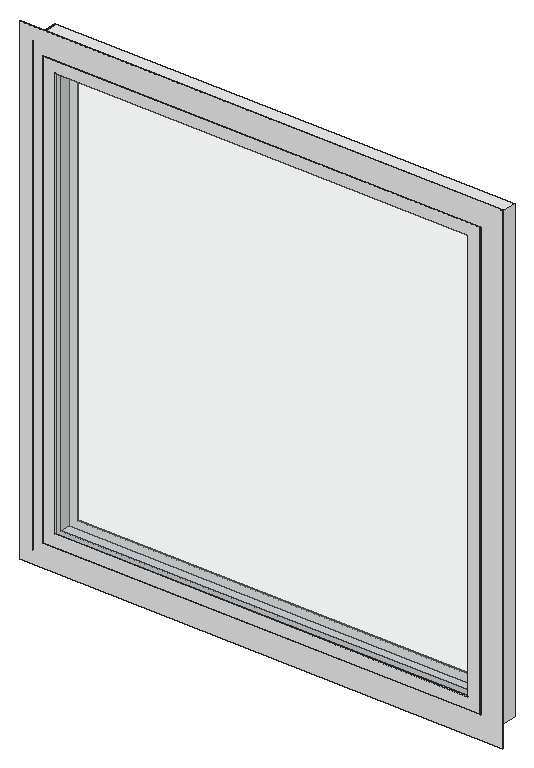
Revit family "Casement_38_A_Top_Hung_Custom", category Windows, host Wall, Revit 2014
Parameters (values of type "Casement_Sash_DG")
  Width Sash [instance] = 30 mm
  Width Sash Inner = 15 mm
  Width Bead = 15 mm
  Top Hung [instance] = yes
  Side Hung Right [instance] = yes
  Side Hung Left [instance] = yes
  Sash Opening Width [instance] = 600 mm
  Sash Opening Height [instance] = 600.312 mm
  Sash Lip = 15 mm
  Glazing Material [instance] = Glass
  DG Start Piece 2 [instance] = DG End Piece 1 + DG Gasket Thickness  # 25 mm
  DG Start Peice 1 [instance] = (Depth Sash - (2 * DG Glazing Thickness) - DG Gasket Thickness) / 2  # 6.6 mm
  Glazing Offset = 5 mm
  DG Glazing Thickness [instance] = 6.4 mm
  DG Gasket Thickness = 12 mm  # constant formula
  DG Gasket Material [instance] = none
  DG End Piece 2 [instance] = DG Start Piece 2 + DG Glazing Thickness  # 31.4 mm
  DG End Piece 1 [instance] = DG Start Peice 1 + DG Glazing Thickness  # 13 mm
  Depth Sash [instance] = 38 mm
  Center Vertical Sash [instance] = Sash Opening Height / 2  # 300.156 mm
  Center Horizontal Sash [instance] = Sash Opening Width / 2  # 300 mm
  Bottom Hung [instance] = yes
  Bead Offset = 15 mm
  Aluminium Thickness = 1 mm
  Aluminium Material [instance] = White Powder Coated Aluminium
Reference planes
  plane 1 "Center (Front/Back)": y = 0
  plane 2: z = 0
  plane 3 "Center (Left/Right)": x = 0
Forms (mm)
  Sweep 1, solid, material "White Powder Coated Aluminium" <- "Aluminium Material"
    path origin (16.177, 0, 121.331) x (1, 0, 0) y (0, 0, 1)
      loop
        line (0, 0) -> (600, 0) -> (600, 600.312) -> (0, 600.312) -> (0, 0)
    profile origin (316.177, 0, 121.331) x (0, 0, 1) y (0, -1, 0)
      loop
        line (0, 0) -> (30, 0) -> (30, 1) -> (15, 1) -> (15, 38) -> (-15, 38) -> (-15, 37) -> (0, 37) -> (0, 0)
      loop
        line (14, 1) -> (14, 37) -> (1, 37) -> (1, 1) -> (14, 1)
  Sweep 2, solid, material "White Powder Coated Aluminium" <- "Aluminium Material"
    path origin (0, 0, 0) x (1, 0, 0) y (0, 0, 1)
      loop
        line (31.177, 706.643) -> (31.177, 136.331) -> (601.177, 136.331) -> (601.177, 706.643) -> (31.177, 706.643)
    profile origin (316.177, 0, 706.643) x (0, 0, 1) y (0, -1, 0)
      loop
        line (0, 37) -> (0, 38) -> (-15, 38) -> (-15, 37) -> (0, 37)
  Extrusion 3, solid, material "Glass" <- "Glazing Material"
    sketch origin (0, 0, 0) x (1, 0, 0) y (0, 0, 1)
      loop
        line (36.177, 701.643) -> (36.177, 141.331) -> (596.177, 141.331) -> (596.177, 701.643) -> (36.177, 701.643)
    from 6.6 <- "DG Start Peice 1" to 13 <- "DG End Piece 1"
  Extrusion 4, solid, material "Glass" <- "Glazing Material"
    sketch origin (0, 0, 0) x (1, 0, 0) y (0, 0, 1)
      loop
        line (36.177, 701.643) -> (36.177, 141.331) -> (596.177, 141.331) -> (596.177, 701.643) -> (36.177, 701.643)
    from 31.4 <- "DG End Piece 2" to 25 <- "DG Start Piece 2"
  Sweep 5, solid, material <- "DG Gasket Material"
    path origin (0, -13, 0) x (1, 0, 0) y (0, 0, 1)
      loop
        line (36.177, 701.643) -> (36.177, 141.331) -> (596.177, 141.331) -> (596.177, 701.643) -> (36.177, 701.643)
    profile origin (316.177, -13, 701.643) x (0, 0, 1) y (0, -1, 0)
      loop
        line (0, 0) -> (0, 12) -> (-7.96, 12) -> (-7.96, 0) -> (0, 0)
Lines and regions (mm)
  model lines
    curve 1: line (1.177, -38, 736.643) -> (31.177, -38, 706.643)
    curve 2: line (601.177, -38, 706.643) -> (631.177, -38, 736.643)
    curve 3: line (601.177, -38, 136.331) -> (631.177, -38, 106.331)
    curve 4: line (1.177, -38, 106.331) -> (31.177, -38, 136.331)
    curve 5: line (631.177, -37, 736.643) -> (616.177, -37, 721.643)
    curve 6: line (1.177, -37, 736.643) -> (16.177, -37, 721.643)
    curve 7: line (1.177, -37, 106.331) -> (16.177, -37, 121.331)
    curve 8: line (631.177, -37, 106.331) -> (616.177, -37, 121.331)
    curve 9: line (616.177, 0, 121.331) -> (586.177, 0, 151.331)
    curve 10: line (46.177, 0, 151.331) -> (16.177, 0, 121.331)
    curve 11: line (616.177, 0, 721.643) -> (586.177, 0, 691.643)
    curve 12: line (46.177, 0, 691.643) -> (16.177, 0, 721.643)
    curve 13: line (31.177, -38, 691.643) -> (46.177, -38, 691.643)
    curve 14: line (586.177, -38, 691.643) -> (601.177, -38, 691.643)
    curve 15: line (586.177, -38, 151.331) -> (601.177, -38, 151.331)
    curve 16: line (31.177, -38, 151.331) -> (46.177, -38, 151.331)
  model lines, style "GenericModelHiddenLines", visible <- "Top Hung"
    curve 17: line (46.386, -31.4, 690.914) -> (316.177, -31.4, 151.331)
    curve 18: line (316.177, -31.4, 151.331) -> (586.177, -31.4, 691.331)
  model lines, style "GenericModelHiddenLines", visible <- "Bottom Hung"
    curve 19: line (46.177, -31.4, 151.331) -> (316.177, -31.4, 691.331)
    curve 20: line (316.177, -31.4, 691.331) -> (586.177, -31.4, 151.331)
  model lines, style "GenericModelHiddenLines", visible <- "Side Hung Left"
    curve 21: line (46.386, -31.4, 690.914) -> (585.24, -31.4, 421.487)
    curve 22: line (585.24, -31.4, 421.487) -> (46.177, -31.4, 151.331)
  model lines, style "GenericModelHiddenLines", visible <- "Side Hung Right"
    curve 23: line (586.177, -31.4, 691.331) -> (46.177, -31.4, 421.487)
    curve 24: line (46.177, -31.4, 421.487) -> (586.177, -31.4, 151.331)
Dimensions and locks
  "Aluminium Thickness": Sweep 1 sketch curve to Sweep 1 sketch curve  (x4)
  "Depth Sash": Sweep 1 sketch curve to Sweep 1 sketch curve
  "Sash Opening Width": Sweep 1 to Sweep 1
  "Sash Opening Height": Sweep 1 to Sweep 1
  "Width Sash": Sweep 1 sketch curve to Sweep 1 sketch curve  (x2)
  "Width Sash Inner": Sweep 1 sketch curve to Sweep 1 sketch curve
  "Sash Lip": Sweep 1 sketch curve to Sweep 1 sketch curve
  "Aluminium Thickness": Sweep 1 to Sweep 2 sketch curve
  "Glazing Offset": Sweep 2 to Extrusion 3 sketch curve  (x3)
  "Glazing Offset": Extrusion 3 sketch curve to Sweep 2
  Sweep 1 to Sweep 1 = 1 mm
  "Aluminium Thickness": Sweep 2 sketch curve to Sweep 2 sketch curve
  "Width Bead": Sweep 2 sketch curve to Sweep 2 sketch curve
  locked: Sweep 5 sketch curve to Sweep 5 sketch curve at 7.96
  "Center Horizontal Sash": Sweep 1 to curve 18
  "Center Horizontal Sash": Sweep 1 to curve 20
  "Center Vertical Sash": Sweep 1 to curve 22
  "Center Vertical Sash": Sweep 1 to curve 24
  aligned and locked: level to plane 2
  aligned and locked: Sweep 1 sketch curve to Sweep 1 sketch curve  (x2)
  aligned and locked: Sweep 2 sketch curve to Sweep 1  (x5)
  aligned and locked: Extrusion 4 sketch curve to Extrusion 3  (x4)
  aligned and locked: Sweep 5 sketch curve to Extrusion 3  (x5)
  aligned and locked: Extrusion 3 to Sweep 5 sketch curve
Automatic sketch dimensions
  plane 3 "Center (Left/Right)" to Sweep 1 sketch curve = 16.177 mm
  level to Sweep 1 sketch curve = 121.331 mm
  plane 3 "Center (Left/Right)" to Sweep 1 sketch curve = 616.177 mm
  level to Sweep 1 sketch curve = 721.643 mm
  profile plane to Sweep 5 sketch curve = 12 mm
  curve 7 to Sweep 1 = 0 mm  (x4)
  curve 6 to Sweep 1 = 0 mm  (x3)
  Sweep 1 to curve 6 = 0 mm
  curve 5 to Sweep 1 = 0 mm  (x3)
  curve 8 to Sweep 1 = 0 mm  (x4)
  Sweep 1 to curve 5 = 0 mm
  curve 16 to Sweep 2 = 0 mm  (x3)
  curve 13 to Sweep 2 = 0 mm  (x3)
  curve 15 to Sweep 2 = 0 mm
  Sweep 2 to curve 15 = 0 mm  (x2)
  curve 14 to Sweep 2 = 0 mm  (x2)
  Sweep 2 to curve 14 = 0 mm
  curve 1 to Sweep 1 = 0 mm  (x4)
  curve 4 to Sweep 1 = 0 mm  (x3)
  Sweep 1 to curve 4 = 0 mm
  curve 3 to Sweep 1 = 0 mm  (x3)
  curve 2 to Sweep 1 = 0 mm  (x4)
  Sweep 1 to curve 3 = 0 mm
  curve 10 to Sweep 1 = 0 mm  (x4)
  curve 12 to Sweep 1 = 0 mm  (x3)
  Sweep 1 to curve 12 = 0 mm
  curve 9 to Sweep 1 = 0 mm  (x4)
  curve 11 to Sweep 1 = 0 mm  (x3)
  Sweep 1 to curve 11 = 0 mm
  Sweep 1 sketch curve to plane 1 "Center (Front/Back)" = 0 mm
  profile plane to Sweep 1 sketch curve = 0 mm
  curve 21 to Extrusion 4 = 10.208 mm
  curve 19 to Extrusion 4 = 10 mm
  curve 23 to Extrusion 4 = 10 mm  (x2)
  curve 22 to Extrusion 4 = 10.937 mm
  curve 20 to Extrusion 4 = 10 mm
  curve 24 to Extrusion 4 = 10 mm
  curve 22 to Extrusion 4 = 10 mm
  curve 18 to Extrusion 4 = 10 mm
  curve 21 to Extrusion 4 = 10.729 mm
  curve 19 to Extrusion 4 = 10.312 mm
  curve 18 to Extrusion 4 = 10.312 mm
